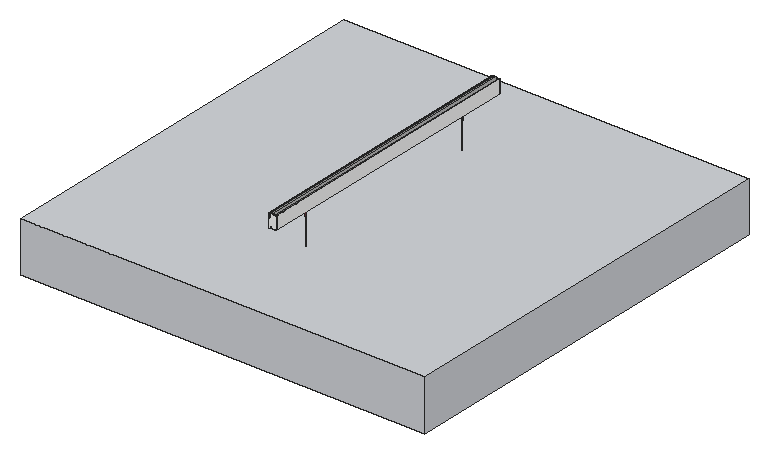
Revit family "LAMP_FIL 45 1680MM D-I OPAL", category Luminarias, Revit 2018
Family settings
  Anfitrión = Cara
  Cota de conector redondo = Diámetro de uso
  Tipo de pieza = Normal
  Corte con vacíos al cargar = No
  Origen de luz = Sí
  Compartido = No
  Punto de cálculo de habitación = No
Parameters (values of type "6100LM 3000K  BLACK")
  Ángulo de inclinación = -90.00°
  Weight = 3.75 kg
  Wattage = 28.07 W
  Type = "MID POWER TRIDONIC"
  built-in parameter 1150107 = 3000 (stored number, unit not read)
  Suspension distance [instance] = if(Suspension > 4000 mm, 4000 mm, if(Suspension < 1 mm, 1 mm, Suspension))  # 200 mm
  Suspension [instance] = 200 mm
  built-in parameter 1150110 = 1 (stored number, unit not read)
  built-in parameter 1150109 = 1 (stored number, unit not read)
  built-in parameter 1150112 = 1 (stored number, unit not read)
  built-in parameter 1150113 = 1 (stored number, unit not read)
  built-in parameter 1114218 = 1 (stored number, unit not read)
  Protection rating = "IP20 / IK07"
  Product datasheet = "http://www.lamp.es/product-files/TECH/F41SF168MOIO830NB-EN.pdf"
  Product code = "F41SF168MOIO830NB"
  Product URL = "https://www.lamp.es/en/family/fil-45_413951"
  Power Supply = "220-240V 50/60Hz"
  Power = 36 W
  Plum = 40.1 W
  Photobiological risk = ""
  NOT COVER 2 [instance] = not(END COVER 2)  # no
  NOT COVER 1 [instance] = not(END COVER 1)  # no
  built-in parameter 1150137 = (empty or 0)
  built-in parameter 1150132 = 2
  Modelo = Product code  # "F41SF168MOIO830NB"
  Model Explanation = ""
  Material suspension = LAMP_Acero genérico
  Material perfil = LAMP_Aluminio Perfil Fil NG
  Material difusor = LAMP_PC Difusor Opal Fil
  Manufacturer name = "LAMP"
  Manufacturer country = "Spain"
  Manufacturer URL = "http://www.lamp.es/en"
  MacAdam = "3"
  Longitud de línea de emisión = 1680 mm
  Last update = "21/04/2021"
  Lamp = "MID-POWER LED"
  LED Lifetime = "70.000 L80 B10"
  built-in parameter 1150105 = 213.01 (stored number, unit not read)
  built-in parameter 1150102 = (empty or 0)
  Insulation class = "I"
  Installation instructions = "https://www.lamp.es/product-files/INS/1004580-C%20INSTR.%20FIL45.pdf"
  Indirect light = LAMP_FIL 45 1680MM D-I OPAL_I : 3000K
  built-in parameter 1150106 = 2.1301 (stored number, unit not read)
  IEE = "A+"
  Gear = "Electronic"
  Lumens = 2676.76 lm
  Finish = "Matte black RAL 9011"
  Color Filter = 16777215
  built-in parameter 1114217 = 1 (stored number, unit not read)
  built-in parameter 1150139 = (empty or 0)
  Fabricante = Manufacturer name  # "LAMP"
  Default Elevation = 1219.2 mm
  built-in parameter 1150104 = 8.8592 (stored number, unit not read)
  Efficacy = 95.36 lm/W
  END COVER 2 [instance] = yes
  END COVER 1 [instance] = yes
  Dimensions = "1680x45x80"
  Descripción = "FIL45 SUR 1680 6100 WW D/I OPAL BK."
  built-in parameter 1150115 = 1 (stored number, unit not read)
  built-in parameter 1150114 = 1 (stored number, unit not read)
  built-in parameter 1150138 = (empty or 0)
  built-in parameter 1150134 = 3
  Dimming Lamp Color Temperature Shift = (empty or 0)
  CRI = "80"
  Archivo de red fotométrica = "F41SF168MOIO830NW_D.IES"
  built-in parameter 1150133 = 10 (stored number, unit not read)
Types (12, lengths in mm): name | Weight | built-in parameter 1150107 | Product datasheet | Product code | Modelo | Material perfil | built-in parameter 1150105 | Indirect light | built-in parameter 1150106 | Lumens | Finish | built-in parameter 1150104 | Efficacy | Descripción | Archivo de red fotométrica
  6100LM 3000K DALI BLACK | 3.876 kg | 3000 (stored number, unit not read) | "http://www.lamp.es/product-files/TECH/F41SF168MOIO830DB-EN.pdf" | "F41SF168MOIO830DB" | "F41SF168MOIO830DB" | LAMP_Aluminio Perfil Fil NG | 213.01 (stored number, unit not read) | LAMP_FIL 45 1680MM D-I OPAL_I : 3000K | 2.1301 (stored number, unit not read) | 2676.76 lm | "Matte black RAL 9011" | 8.8592 (stored number, unit not read) | 95.36 lm/W | "FIL45 SUR 1680 6100 WW D/I OPAL DALI BK." | "F41SF168MOIO830NW_D.IES"
  6100LM 3000K DALI GREY | 3.876 kg | 3000 (stored number, unit not read) | "http://www.lamp.es/product-files/TECH/F41SF168MOIO830DG-EN.pdf" | "F41SF168MOIO830DG" | "F41SF168MOIO830DG" | LAMP_Aluminio Perfil Fil GR | 213.01 (stored number, unit not read) | LAMP_FIL 45 1680MM D-I OPAL_I : 3000K | 2.1301 (stored number, unit not read) | 2676.76 lm | "Gloss grey" | 8.8592 (stored number, unit not read) | 95.36 lm/W | "FIL45 SUR 1680 6100 WW D/I OPAL DALI GR." | "F41SF168MOIO830NW_D.IES"
  6100LM 3000K DALI WHITE | 3.876 kg | 3000 (stored number, unit not read) | "http://www.lamp.es/product-files/TECH/F41SF168MOIO830DW-EN.pdf" | "F41SF168MOIO830DW" | "F41SF168MOIO830DW" | LAMP_Aluminio Perfil Fil BL | 213.01 (stored number, unit not read) | LAMP_FIL 45 1680MM D-I OPAL_I : 3000K | 2.1301 (stored number, unit not read) | 2676.76 lm | "Matte white RAL 9010" | 8.8592 (stored number, unit not read) | 95.36 lm/W | "FIL45 SUR 1680 6100 WW D/I OPAL DALI WH." | "F41SF168MOIO840NW_D.IES"
  6100LM 3000K  BLACK | 3.75 kg | 3000 (stored number, unit not read) | "http://www.lamp.es/product-files/TECH/F41SF168MOIO830NB-EN.pdf" | "F41SF168MOIO830NB" | "F41SF168MOIO830NB" | LAMP_Aluminio Perfil Fil NG | 213.01 (stored number, unit not read) | LAMP_FIL 45 1680MM D-I OPAL_I : 3000K | 2.1301 (stored number, unit not read) | 2676.76 lm | "Matte black RAL 9011" | 8.8592 (stored number, unit not read) | 95.36 lm/W | "FIL45 SUR 1680 6100 WW D/I OPAL BK." | "F41SF168MOIO830NW_D.IES"
  6100LM 3000K  GREY | 3.75 kg | 3000 (stored number, unit not read) | "http://www.lamp.es/product-files/TECH/F41SF168MOIO830NG-EN.pdf" | "F41SF168MOIO830NG" | "F41SF168MOIO830NG" | LAMP_Aluminio Perfil Fil GR | 213.01 (stored number, unit not read) | LAMP_FIL 45 1680MM D-I OPAL_I : 3000K | 2.1301 (stored number, unit not read) | 2676.76 lm | "Gloss grey" | 8.8592 (stored number, unit not read) | 95.36 lm/W | "FIL45 SUR 1680 6100 WW D/I OPAL GR." | "F41SF168MOIO830NW_D.IES"
  6100LM 3000K  WHITE | 3.75 kg | 3000 (stored number, unit not read) | "http://www.lamp.es/product-files/TECH/F41SF168MOIO830NW-EN.pdf" | "F41SF168MOIO830NW" | "F41SF168MOIO830NW" | LAMP_Aluminio Perfil Fil BL | 213.01 (stored number, unit not read) | LAMP_FIL 45 1680MM D-I OPAL_I : 3000K | 2.1301 (stored number, unit not read) | 2676.76 lm | "Matte white RAL 9010" | 8.8592 (stored number, unit not read) | 95.36 lm/W | "FIL45 SUR 1680 6100 WW D/I OPAL WH." | "F41SF168MOIO830NW_D.IES"
  6100LM 4000K DALI BLACK | 3.876 kg | 4000 (stored number, unit not read) | "http://www.lamp.es/product-files/TECH/F41SF168MOIO840DB-EN.pdf" | "F41SF168MOIO840DB" | "F41SF168MOIO840DB" | LAMP_Aluminio Perfil Fil NG | 222.37 (stored number, unit not read) | LAMP_FIL 45 1680MM D-I OPAL_I : 4000K | 2.2237 (stored number, unit not read) | 2794.37 lm | "Matte black RAL 9011" | 9.2485 (stored number, unit not read) | 99.54 lm/W | "FIL45 SUR 1680 6100 NW D/I OPAL DALI BK." | "F41SF168MOIO840NW_D.IES"
  6100LM 4000K DALI GREY | 3.876 kg | 4000 (stored number, unit not read) | "http://www.lamp.es/product-files/TECH/F41SF168MOIO840DG-EN.pdf" | "F41SF168MOIO840DG" | "F41SF168MOIO840DG" | LAMP_Aluminio Perfil Fil GR | 222.37 (stored number, unit not read) | LAMP_FIL 45 1680MM D-I OPAL_I : 4000K | 2.2237 (stored number, unit not read) | 2794.37 lm | "Gloss grey" | 9.2485 (stored number, unit not read) | 99.54 lm/W | "FIL45 SUR 1680 6100 NW D/I OPAL DALI GR." | "F41SF168MOIO840NW_D.IES"
  6100LM 4000K DALI WHITE | 3.876 kg | 4000 (stored number, unit not read) | "http://www.lamp.es/product-files/TECH/F41SF168MOIO840DW-EN.pdf" | "F41SF168MOIO840DW" | "F41SF168MOIO840DW" | LAMP_Aluminio Perfil Fil BL | 222.37 (stored number, unit not read) | LAMP_FIL 45 1680MM D-I OPAL_I : 4000K | 2.2237 (stored number, unit not read) | 2794.37 lm | "Matte white RAL 9010" | 9.2485 (stored number, unit not read) | 99.54 lm/W | "FIL45 SUR 1680 6100 NW D/I OPAL DALI WH." | "F41SF168MOIO840NW_D.IES"
  6100LM 4000K  BLACK | 3.75 kg | 4000 (stored number, unit not read) | "http://www.lamp.es/product-files/TECH/F41SF168MOIO840NB-EN.pdf" | "F41SF168MOIO840NB" | "F41SF168MOIO840NB" | LAMP_Aluminio Perfil Fil NG | 222.37 (stored number, unit not read) | LAMP_FIL 45 1680MM D-I OPAL_I : 4000K | 2.2237 (stored number, unit not read) | 2794.37 lm | "Matte black RAL 9011" | 9.2485 (stored number, unit not read) | 99.54 lm/W | "FIL45 SUR 1680 6100 NW D/I OPAL BK." | "F41SF168MOIO840NW_D.IES"
  6100LM 4000K  GREY | 3.75 kg | 4000 (stored number, unit not read) | "http://www.lamp.es/product-files/TECH/F41SF168MOIO840NG-EN.pdf" | "F41SF168MOIO840NG" | "F41SF168MOIO840NG" | LAMP_Aluminio Perfil Fil GR | 222.37 (stored number, unit not read) | LAMP_FIL 45 1680MM D-I OPAL_I : 4000K | 2.2237 (stored number, unit not read) | 2794.37 lm | "Gloss grey" | 9.2485 (stored number, unit not read) | 99.54 lm/W | "FIL45 SUR 1680 6100 NW D/I OPAL GR." | "F41SF168MOIO840NW_D.IES"
  6100LM 4000K  WHITE | 3.75 kg | 4000 (stored number, unit not read) | "http://www.lamp.es/product-files/TECH/F41SF168MOIO840NW-EN.pdf" | "F41SF168MOIO840NW" | "F41SF168MOIO840NW" | LAMP_Aluminio Perfil Fil BL | 222.37 (stored number, unit not read) | LAMP_FIL 45 1680MM D-I OPAL_I : 4000K | 2.2237 (stored number, unit not read) | 2794.37 lm | "Matte white RAL 9010" | 9.2485 (stored number, unit not read) | 99.54 lm/W | "FIL45 SUR 1680 6100 NW D/I OPAL WH." | "F41SF168MOIO840NW_D.IES"
Reference planes
  plane 1 "Centro (Frontal/Posterior)": y = 0
  plane 2: z = 0
  plane 3 "Centro (Izquierda/Derecha)": x = 0
Forms (mm)
  Extrusion 1, solid
    sketch origin (0, 0, 0) x (1, 0, 0) y (0, 1, 0)
      loop
        line (-1219.2, 1219.2) -> (-1219.2, -1219.2) -> (1219.2, -1219.2) -> (1219.2, 1219.2) -> (-1219.2, 1219.2)
    from 0 to -304.8
  Extrusion 2, solid, material "LAMP_Aluminio Perfil Fil NG" <- "Material perfil"
    sketch origin (0, 0, 0) x (1, 0, 0) y (0, 0, 1)
      loop
        arc (22.5, 285.7) -> (21.5, 286.7) -> (20.5, 285.7) r 1
        line (20.5, 285.7) -> (20.5, 284.2) -> (17.8, 284.2) -> (17.8, 259) -> (0, 259) -> (-17.8, 259) -> (-17.8, 284.2) -> (-20.5, 284.2) -> (-20.5, 285.7)
        arc (-20.5, 285.7) -> (-21.5, 286.7) -> (-22.5, 285.7) r 1
        line (-22.5, 285.7) -> (-22.5, 206.5) -> (-20.7, 206.5) -> (-20.7, 210) -> (-12.5, 210) -> (-12.5, 208) -> (-14.8, 208) -> (-14.5, 206.5) -> (-11, 206.5) -> (-11, 214.5) -> (0, 214.5) -> (11, 214.5) -> (11, 206.5) -> (14.5, 206.5) -> (14.8, 208) -> (12.5, 208) -> (12.5, 210) -> (20.7, 210) -> (20.7, 206.5) -> (22.5, 206.5) -> (22.5, 285.7)
    from -840 to 840
  Extrusion 3, solid, material "LAMP_Acero genérico" <- "Material suspension"
    sketch origin (0, 0, 0) x (1, 0, 0) y (0, 0, 1)
      loop
        line (-12.5, 201) -> (-15.291, 208.272) -> (-12.823, 210) -> (-13.823, 210) -> (-16.291, 208.272) -> (-13.116, 200) -> (0, 200) -> (13.116, 200) -> (16.291, 208.272) -> (13.823, 210) -> (12.823, 210) -> (15.291, 208.272) -> (12.5, 201) -> (0, 201) -> (-12.5, 201)
    from -600 to -578
  Extrusion 4, solid, material "LAMP_Acero genérico" <- "Material suspension"
    sketch origin (0, -224, 0) x (1, 0, 0) y (0, 1, 0)
      loop
        circle (0, -365) r 5
    from 163.2 to 200
  Extrusion 5, solid, material "LAMP_Acero genérico" <- "Material suspension"
    sketch origin (0, 224, 0) x (1, 0, 0) y (0, 1, 0)
      loop
        circle (0, 365) r 5
    from 163.2 to 200
  Extrusion 6, solid, material "LAMP_Acero genérico" <- "Material suspension"
    sketch origin (0, -200, 0) x (1, 0, 0) y (0, 1, 0)
      loop
        circle (0, -389) r 1
    from 0 to 163.2
  Extrusion 7, solid, material "LAMP_Acero genérico" <- "Material suspension"
    sketch origin (0, 200, 0) x (1, 0, 0) y (0, 1, 0)
      loop
        circle (0, 389) r 1
    from 0 to 163.2
  Extrusion 8, solid, material "LAMP_PC Difusor Opal Fil" <- "Material difusor"
    sketch origin (0, 0, 0) x (1, 0, 0) y (0, 0, 1)
      loop
        line (-20.5, 284.2) -> (0, 284.2) -> (20.5, 284.2) -> (20.5, 286.7) -> (0, 286.7) -> (-20.5, 286.7) -> (-20.5, 284.2)
    from -840 to 840
  Extrusion 9, solid, material "LAMP_Acero genérico" <- "Material suspension"
    sketch origin (0, -200, 0) x (1, 0, 0) y (0, 0, -1)
      loop
        line (-12.5, -201) -> (0, -201) -> (12.5, -201) -> (15.291, -208.272) -> (12.823, -210) -> (13.823, -210) -> (16.291, -208.272) -> (13.116, -200) -> (0, -200) -> (-13.116, -200) -> (-16.291, -208.272) -> (-13.823, -210) -> (-12.823, -210) -> (-15.291, -208.272) -> (-12.5, -201)
    from -400 to -378
  Extrusion 10, solid, material "LAMP_PC Difusor Opal Fil" <- "Material difusor"
    sketch origin (0, 0, 0) x (1, 0, 0) y (0, 0, 1)
      loop
        line (-11, 214.5) -> (-11, 206.5) -> (-7.529, 206.5) -> (11, 206.5) -> (11, 214.5) -> (10, 214.5) -> (10, 207.5) -> (-10, 207.5) -> (-10, 214.5) -> (-11, 214.5)
    from -840 to 840
Lines and regions (mm)
  reference lines
    curve 1: line (0, -445.47, 200) -> (0, 544.53, 200)
Text (mm)
  text "Any modification of the parameters and properties of the LAMP BIM models must be executed and validated by the LAMP technical department.\nPhone: +34 93 736 68 00\nE-mail: lamp@lamp.es\n\nLAMP reserves the right to modify the technical specifications of its products." at (3279.264, 5298.162, -2684.539), in view "Preview"
Dimensions and locks
  "Suspension distance": level to curve 1
  locked: Extrusion 4 to Extrusion 4 at 36.8
  locked: Extrusion 5 to Extrusion 5 at 36.8
  aligned and locked: plane 2 to Extrusion 1
  aligned and locked: level to Extrusion 1
  aligned and locked: Extrusion 8 to Extrusion 2  (x2)
  aligned and locked: Extrusion 9 to curve 1
  aligned and locked: curve 1 to Extrusion 3
  aligned and locked: curve 1 to Extrusion 4
  aligned and locked: Extrusion 5 to curve 1
  aligned and locked: Extrusion 6 to Extrusion 4
  aligned and locked: Extrusion 7 to Extrusion 5
  aligned and locked: Extrusion 2 to Extrusion 9  (x2)
  aligned and locked: imposter light to Extrusion 8
  aligned and locked: Extrusion 10 to Extrusion 2
  aligned and locked: nested 1 to Extrusion 2  (x2)
  aligned and locked: nested 2 to Extrusion 2
Automatic sketch dimensions
  Extrusion 1 sketch curve to Extrusion 1 sketch curve = 2438.4 mm  (x2)
  Extrusion 3 sketch curve to plane 3 "Centro (Izquierda/Derecha)" = 0 mm  (x2)
  Extrusion 3 sketch curve to Extrusion 3 sketch curve = 12.5 mm
  Extrusion 3 sketch curve to Extrusion 3 sketch curve = 0.323 mm  (x2)
  Extrusion 3 sketch curve to Extrusion 3 sketch curve = 0.616 mm  (x2)
  Extrusion 3 sketch curve to Extrusion 3 sketch curve = 1 mm  (x5)
  Extrusion 3 sketch curve to Extrusion 3 sketch curve = 1.468 mm  (x2)
  plane 3 "Centro (Izquierda/Derecha)" to Extrusion 3 sketch curve = 12.5 mm
  level to Extrusion 3 sketch curve = 200 mm
  Extrusion 3 sketch curve to Extrusion 3 sketch curve = 7.272 mm  (x2)
  Extrusion 3 sketch curve to Extrusion 3 sketch curve = 0 mm  (x2)
  Extrusion 3 sketch curve to Extrusion 3 sketch curve = 1.728 mm  (x2)
  Extrusion 4 sketch curve to plane 3 "Centro (Izquierda/Derecha)" = 0 mm
  plane 1 "Centro (Frontal/Posterior)" to Extrusion 4 sketch curve = 589 mm
  Extrusion 5 sketch curve to plane 3 "Centro (Izquierda/Derecha)" = 0 mm
  plane 1 "Centro (Frontal/Posterior)" to Extrusion 5 sketch curve = 589 mm
  Extrusion 6 sketch curve to plane 3 "Centro (Izquierda/Derecha)" = 0 mm
  plane 1 "Centro (Frontal/Posterior)" to Extrusion 6 sketch curve = 589 mm
  Extrusion 7 sketch curve to plane 3 "Centro (Izquierda/Derecha)" = 0 mm
  plane 1 "Centro (Frontal/Posterior)" to Extrusion 7 sketch curve = 589 mm
  Extrusion 2 sketch curve to plane 3 "Centro (Izquierda/Derecha)" = 0 mm  (x2)
  Extrusion 2 sketch curve to plane 3 "Centro (Izquierda/Derecha)" = 11 mm
  Extrusion 2 sketch curve to Extrusion 2 sketch curve = 1.5 mm  (x6)
  Extrusion 2 sketch curve to Extrusion 2 sketch curve = 2 mm  (x2)
  Extrusion 2 sketch curve to Extrusion 2 sketch curve = 0.3 mm  (x2)
  Extrusion 2 sketch curve to Extrusion 2 sketch curve = 17.8 mm
  Extrusion 2 sketch curve to Extrusion 2 sketch curve = 2.7 mm  (x2)
  Extrusion 2 sketch curve to Extrusion 2 sketch curve = 5.9 mm  (x2)
  Extrusion 2 sketch curve to Extrusion 2 sketch curve = 1 mm  (x2)
  plane 3 "Centro (Izquierda/Derecha)" to Extrusion 2 sketch curve = 11 mm
  plane 3 "Centro (Izquierda/Derecha)" to Extrusion 2 sketch curve = 17.8 mm
  level to Extrusion 2 sketch curve = 206.5 mm
  Extrusion 2 sketch curve to Extrusion 2 sketch curve = 0 mm  (x3)
  Extrusion 2 sketch curve to Extrusion 2 sketch curve = 3.5 mm  (x2)
  Extrusion 2 sketch curve to Extrusion 2 sketch curve = 4.5 mm
  Extrusion 2 sketch curve to Extrusion 2 sketch curve = 44.5 mm
  Extrusion 2 sketch curve to Extrusion 2 sketch curve = 25.2 mm  (x2)
  Extrusion 8 sketch curve to plane 3 "Centro (Izquierda/Derecha)" = 0 mm  (x2)
  Extrusion 8 sketch curve to Extrusion 8 sketch curve = 20.5 mm
  plane 3 "Centro (Izquierda/Derecha)" to Extrusion 8 sketch curve = 20.5 mm
  level to Extrusion 8 sketch curve = 284.2 mm
  Extrusion 8 sketch curve to Extrusion 8 sketch curve = 2.5 mm
  Extrusion 9 sketch curve to plane 3 "Centro (Izquierda/Derecha)" = 0 mm  (x2)
  Extrusion 9 sketch curve to Extrusion 9 sketch curve = 12.5 mm
  Extrusion 9 sketch curve to Extrusion 9 sketch curve = 0.323 mm  (x2)
  Extrusion 9 sketch curve to Extrusion 9 sketch curve = 0.616 mm  (x2)
  Extrusion 9 sketch curve to Extrusion 9 sketch curve = 1 mm  (x5)
  Extrusion 9 sketch curve to Extrusion 9 sketch curve = 1.468 mm  (x2)
  plane 3 "Centro (Izquierda/Derecha)" to Extrusion 9 sketch curve = 12.5 mm
  level to Extrusion 9 sketch curve = 210 mm
  Extrusion 9 sketch curve to Extrusion 9 sketch curve = 0 mm  (x3)
  Extrusion 9 sketch curve to Extrusion 9 sketch curve = 1.728 mm  (x2)
  Extrusion 9 sketch curve to Extrusion 9 sketch curve = 7.272 mm
  Extrusion 10 sketch curve to plane 3 "Centro (Izquierda/Derecha)" = 11 mm
  Extrusion 10 sketch curve to Extrusion 10 sketch curve = 1 mm  (x3)
  Extrusion 10 sketch curve to Extrusion 10 sketch curve = 2.471 mm
  plane 3 "Centro (Izquierda/Derecha)" to Extrusion 10 sketch curve = 10 mm
  level to Extrusion 10 sketch curve = 206.5 mm
  Extrusion 10 sketch curve to Extrusion 10 sketch curve = 7 mm  (x2)
  plane 1 "Centro (Frontal/Posterior)" to curve 1 = 445.47 mm
  curve 1 to plane 1 "Centro (Frontal/Posterior)" = 544.53 mm
  radius of Extrusion 4 sketch curve = 5 mm
  radius of Extrusion 5 sketch curve = 5 mm
  radius of Extrusion 6 sketch curve = 1 mm
  radius of Extrusion 7 sketch curve = 1 mm
Nested families
  nested 1: "LAMP_FIL 45 END COVER SURFACE" at (0, -841, 206.5), visible <- "END COVER 1", type "LAMP_FIL 45 END COVER SURFACE"
  nested 2: "LAMP_FIL 45 END COVER SURFACE" at (0, 841, 206.5), visible <- "END COVER 2", type "LAMP_FIL 45 END COVER SURFACE"
  nested 3: "LAMP_FIL 45 1680MM D-I OPAL_I" at (0, -4.746, -1293.5), type "3000K"
Connectors
  electrical at (0, 589, 200)
    settings: on Extrusion 5, index 1, voltage 230 V, apparent load 0 VA, apparent load phase1 0 VA, apparent load phase2 0 VA, apparent load phase3 0 VA, power factor 1, load classification "Otro", number of poles 1, system type 31, power factor state 1, is connector primary yes, connector utility no, sub classification motor no, connector description ""
Definition of nested family "LAMP_FIL 45 END COVER SURFACE"
  Parameters (values of type "Blanco")
    Material tapa = none
  Reference planes
    plane 1 "Centro (Frontal/Posterior)": y = 0
    plane 2: z = 0
    plane 3 "Centro (Izquierda/Derecha)": x = 0
  Forms (mm)
    Extrusion 1, solid, material <- "Material tapa"
      sketch origin (0, 0, 0) x (0, -1, 0) y (0, 0, 1)
        loop
          line (0, 0) -> (1, 0) -> (1, 80) -> (-1, 80) -> (-1, 0) -> (0, 0)
      from -22.5 to 22.5
  Dimensions and locks
    aligned and locked: level to plane 2
Definition of nested family "LAMP_FIL 45 1680MM D-I OPAL_I"
  Parameters (values of type "3000K")
    Tilt Angle = -90.00°
    Wattage = 12.03 W
    built-in parameter 1150110 = 1 (stored number, unit not read)
    built-in parameter 1114217 = 1 (stored number, unit not read)
    built-in parameter 1150109 = 1 (stored number, unit not read)
    built-in parameter 1150134 = (empty or 0)
    built-in parameter 1150113 = 1 (stored number, unit not read)
    Lumens = 1147.18 lm
    built-in parameter 1150115 = 1 (stored number, unit not read)
    built-in parameter 1150105 = 412.55 (stored number, unit not read)
    built-in parameter 1150137 = (empty or 0)
    built-in parameter 1150139 = (empty or 0)
    built-in parameter 1150112 = 1 (stored number, unit not read)
    built-in parameter 1150114 = 1 (stored number, unit not read)
    built-in parameter 1150132 = 2
    built-in parameter 1150102 = (empty or 0)
    built-in parameter 1150138 = (empty or 0)
    built-in parameter 1150107 = 3000 (stored number, unit not read)
    built-in parameter 1150106 = 4.1255 (stored number, unit not read)
    built-in parameter 1150104 = 8.8592 (stored number, unit not read)
    Dimming Lamp Color Temperature Shift = (empty or 0)
    Color Filter = 16777215
    built-in parameter 1114218 = 1 (stored number, unit not read)
    Photometric Web File = "F41SF168MOIO830NW_I.IES"
    built-in parameter 1150133 = 10 (stored number, unit not read)
  Types (3, lengths in mm): name | built-in parameter 1150134 | Lumens | built-in parameter 1150105 | built-in parameter 1150107 | built-in parameter 1150106 | built-in parameter 1150104 | Photometric Web File
    (no name) | (empty or 0) | 1147.18 lm | 412.55 (stored number, unit not read) | 3000 (stored number, unit not read) | 4.1255 (stored number, unit not read) | 8.8592 (stored number, unit not read) | "F41SF168MOIO830NW_I.IES"
    3000K | (empty or 0) | 1147.18 lm | 412.55 (stored number, unit not read) | 3000 (stored number, unit not read) | 4.1255 (stored number, unit not read) | 8.8592 (stored number, unit not read) | "F41SF168MOIO830NW_I.IES"
    4000K | 12 | 1197.59 lm | 430.68 (stored number, unit not read) | 4000 (stored number, unit not read) | 4.3068 (stored number, unit not read) | 9.2485 (stored number, unit not read) | "F41SF168MOIO840NW_I.IES"
  Reference planes
    plane 1 "Eje de origen de luz (F/P)": y = 0
    plane 2: z = 0
    plane 3 "Eje de origen de luz (I/D)": x = 0
    plane 4 "Elevación de origen de luz": z = 1500
  Dimensions and locks
    aligned and locked: plane 3 "Eje de origen de luz (I/D)" to imposter light
    aligned and locked: plane 1 "Eje de origen de luz (F/P)" to imposter light
    aligned and locked: plane 4 "Elevación de origen de luz" to imposter light
    aligned and locked: level to plane 2
